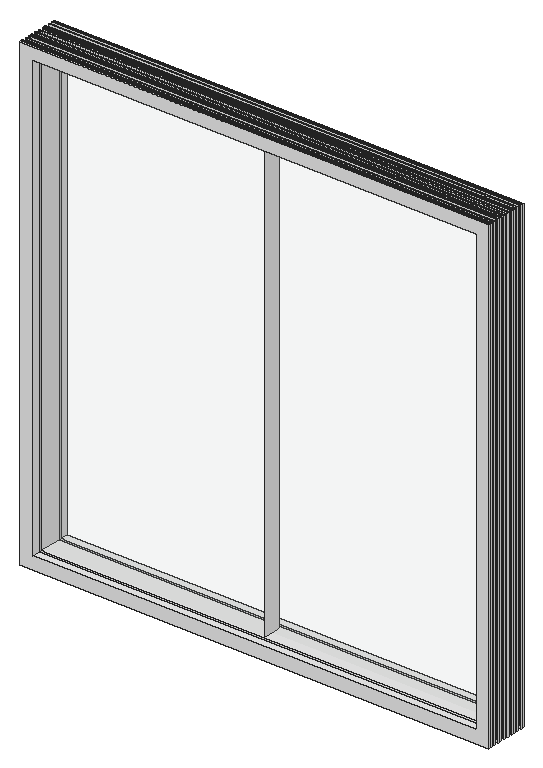
Revit family "LS66 2", category Generic Models, Revit 2015
Parameters
  w.5 = Width / 2  # 1000 mm
  b = 20 mm  # constant formula
  a = Height - 20 mm  # 1980 mm
  Width = 2000 mm
  W/6 = Width / 6  # 333.333 mm
  W/3 = Width / 3  # 666.667 mm
  URL = "www.nanawall.com"
  Model = "LS66 2"
  Manufacturer = "Nanawall"  # constant formula
  Height = 2000 mm
  Author = "Yepsketch"  # constant formula
Reference planes
  plane 1 "Center (Front/Back)": y = 0
  plane 2: z = 0
  plane 3 "Center (Left/Right)": x = 0
  plane 4: y = -24.625
  plane 5: y = 24.625
  plane 6 "referencia 1": x = 999.146
  plane 7: x = 2000
  plane 8: z = 2000
  plane 9: x = 998.291
  plane 10: x = 1000
  plane 11: x = 1999.146
  plane 12: x = 1998.291
  plane 13: x = 2000
Forms (mm)
  Sweep 1, solid, material "aluminio"
    path origin (0, 0, 0) x (1, 0, 0) y (0, 0, 1)
      loop
        line (0, 2000) -> (0, 0) -> (2000, 0) -> (2000, 2000) -> (0, 2000)
    profile "Profile LS66 : Profile LS66" origin (0, 0, 1000) x (1, 0, 0) y (0, -1, 0)
      loop
        line (7.583, 0) -> (7.583, -6.193) -> (0, -6.193) -> (0, -11.781) -> (3.556, -11.781) -> (3.556, -10.113)
        arc (3.556, -10.113) -> (2.549, -9.106) -> (3.556, -8.098) r 1.008
        line (3.556, -8.098) -> (7.583, -8.098) -> (7.583, -31.659)
        arc (7.583, -31.659) -> (4.839, -32.3) -> (2.04, -32.636) r 25.623
        line (2.04, -32.636) -> (2.04, -29.713) -> (0, -29.713) -> (0, -34.713) -> (7.583, -34.713) -> (7.583, -43.068) -> (2.04, -43.068) -> (2.04, -40.832) -> (0, -40.832) -> (0, -45.123) -> (7.583, -45.123) -> (7.583, -59.199) -> (0, -59.199) -> (0, -64.199) -> (2.04, -64.199) -> (2.04, -61.757) -> (7.583, -61.757) -> (7.583, -77.742) -> (0, -77.742) -> (0, -81.579) -> (2.723, -81.579) -> (7.583, -81.579) -> (7.583, -89.097) -> (2.583, -89.097) -> (2.583, -86.417) -> (0, -86.417) -> (0, -92) -> (52.124, -92) -> (52.124, -55.242)
        arc (52.124, -55.242) -> (55.486, -52.742) -> (52.124, -50.242) r 2.611
        line (52.124, -50.242) -> (52.124, 0) -> (52.124, 50.242)
        arc (52.124, 50.242) -> (55.486, 52.742) -> (52.124, 55.242) r 2.611
        line (52.124, 55.242) -> (52.124, 92) -> (0, 92) -> (0, 86.417) -> (2.583, 86.417) -> (2.583, 89.097) -> (7.583, 89.097) -> (7.583, 81.579) -> (2.723, 81.579) -> (0, 81.579) -> (0, 77.742) -> (7.583, 77.742) -> (7.583, 61.757) -> (2.04, 61.757) -> (2.04, 64.199) -> (0, 64.199) -> (0, 59.199) -> (7.583, 59.199) -> (7.583, 45.123) -> (0, 45.123) -> (0, 40.832) -> (2.04, 40.832) -> (2.04, 43.068) -> (7.583, 43.068) -> (7.583, 34.713) -> (0, 34.713) -> (0, 29.713) -> (2.04, 29.713) -> (2.04, 32.636)
        arc (2.04, 32.636) -> (4.839, 32.3) -> (7.583, 31.659) r 25.623
        line (7.583, 31.659) -> (7.583, 8.098) -> (3.556, 8.098)
        arc (3.556, 8.098) -> (2.549, 9.106) -> (3.556, 10.113) r 1.008
        line (3.556, 10.113) -> (3.556, 11.781) -> (0, 11.781) -> (0, 6.193) -> (7.583, 6.193) -> (7.583, 0)
  Extrusion 2, solid, material "aluminio"
    sketch origin (1000.708, 24.526, 0) x (1, 0, 0) y (0, 1, 0)
      loop
        line (-0.708, 11.475) -> (-2.417, 11.475) -> (-2.417, -60.525) -> (-0.708, -60.525) -> (-0.708, 11.475)
    from 20 <- "b" to 1980 <- "a"
  Extrusion 3, solid, material "Glass"
    sketch origin (6999.146, -6.138, 0) x (-1, 0, 0) y (0, -1, 0)
      loop
        line (5999.146, -6.139) -> (5028.282, -6.139) -> (5028.282, -42.139) -> (5999.146, -42.139) -> (5999.146, -6.139)
    from 20 <- "b" to 1980 <- "a"
  Extrusion 4, solid, material "Glass"
    sketch origin (999.146, 6.139, 0) x (1, 0, 0) y (0, 1, 0)
      loop
        line (-0.854, -6.139) -> (-971.718, -6.139) -> (-971.718, -42.139) -> (-0.854, -42.139) -> (-0.854, -6.139)
    from 20 <- "b" to 1980 <- "a"
Dimensions and locks
  "Width": plane 7 to plane 3 "Center (Left/Right)"
  "Height": plane 8 to level
  locked: plane 6 "referencia 1" to plane 9 at 0.854
  locked: plane 10 to plane 6 "referencia 1" at 0.854
  locked: plane 11 to plane 12 at 0.854
  locked: plane 13 to plane 11 at 0.854
  "w.5": plane 10 to plane 3 "Center (Left/Right)"
  "w.5": plane 13 to plane 10
  aligned and locked: level to plane 2
  aligned and locked: Sweep 1 sketch curve to plane 3 "Center (Left/Right)"
  aligned and locked: Sweep 1 sketch curve to plane 8
  aligned and locked: Sweep 1 sketch curve to plane 7
  aligned and locked: Sweep 1 sketch curve to level
  aligned and locked: Extrusion 2 to plane 9
  aligned and locked: Extrusion 2 sketch curve to plane 10
  aligned and locked: Extrusion 3 to Extrusion 2
  aligned and locked: Extrusion 4 to Extrusion 3
Automatic sketch dimensions
  Extrusion 2 sketch curve to plane 9 = 0 mm
  Extrusion 2 sketch curve to plane 4 = 11.375 mm
  Extrusion 2 sketch curve to plane 5 = 11.375 mm
  Extrusion 3 sketch curve to plane 10 = 0 mm
  Extrusion 3 sketch curve to plane 1 "Center (Front/Back)" = 36 mm
  Extrusion 3 sketch curve to plane 12 = 27.428 mm
  plane 4 to Extrusion 3 sketch curve = 24.625 mm
  Extrusion 4 sketch curve to plane 9 = 0 mm
  plane 3 "Center (Left/Right)" to Extrusion 4 sketch curve = 27.428 mm
  Extrusion 4 sketch curve to plane 4 = 11.375 mm
  plane 4 to Extrusion 4 sketch curve = 24.625 mm
